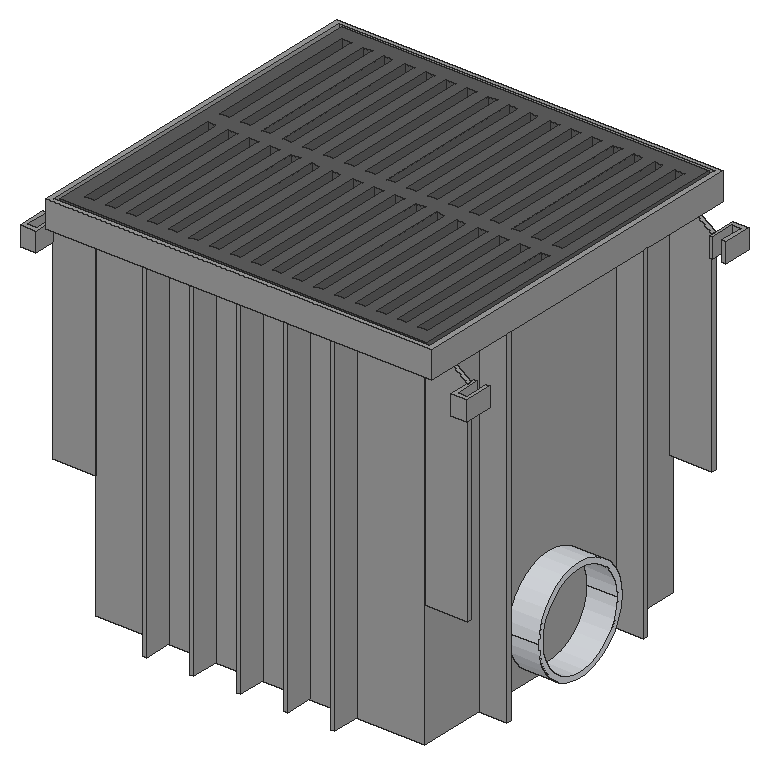
Revit family "Basin_Catch_24x24-Zurn-Z887-24-HD", category Plumbing Fixtures, Revit 2022
Family settings
  Round Connector Dimension = Use Radius
  Part Type = Normal
  OmniClass Number = 23.70.50.21.24.14
  OmniClass Title = Deck Waste Water Drains
  Work Plane-Based = No
  Always vertical = Yes
  Cut with Voids When Loaded = No
  Maintain Annotation Orientation = No
  Shared = No
  Room Calculation Point = No
Parameters (values of type "Z887-24-HD-6 Inch No-Hub End Outlet")
  Width = 24.000"
  Wide = 23.250"
  Waste Connection = 0 = 0  # yes
  WFU = 0  # constant formula
  Vent Connection = 0 = 1  # no
  URL = "www.zurn.com"
  Type Comments = ""
  Product data url = "https://bimobject.com/zurnindustries/product/Z887-24-HD"
  Product Page URL = "https://www.zurn.com/products/drainage-interceptors/trench-drain-systems/catch-basin/z887-24-hd"
  Product Installation Sheet URL = ""
  Product Documentation Link = "https://files.zurn.com/spec-sheets/z887-24-hd.pdf"
  Outlet Radius = 3.313"
  Outlet Location = 20.500"
  HW Connection = 0 = 1  # no
  CW Connection = 0 = 1  # no
  Bottom Connector = 3.000"
  Nominal End Outlet (E) = 6.000"
  Nominal Bottom Outlet (U) = 6.000"
  Modified Date = "12/29/2025"  # constant formula
  Model = "Z887-24-HD-E6"
  Manufacurer Brand = "Zurn"  # constant formula
  Manufacturer = "Zurn Water, LLC"  # constant formula
  Main Material = Polymer - Zurn - HDPE - Grey
  Length = 24.625"
  End Connector = 3.000"
  HWFU = 0  # constant formula
  Grate = Ductile Iron - Zurn - Polished
  End Outlet (E) = yes
  Description = "23-1/4 [591] WIDE REVEAL X 24-5/8 [625] LONG CATCH BASIN WITH HEAVY DUTY FRAME"  # constant formula
  Default Elevation = 1.000"  # constant formula
  Date Created = "12/29/2025"  # constant formula
  Catch Basin Width = 22.750"
  Catch Basin Length = 24.000"
  CWFU = 0  # constant formula
  Bottom Outlet (U) = no
  Assembly Code = "D2040300"
  Actual End Outlet (E) = 6.625"
  Actual Bottom Outlet (U) = 6.625"
Reference planes (in)
  plane 1 "Center (Front/Back)": y = 0
  plane 2: z = 0
  plane 3 "Center (Left/Right)": x = 0
  plane 4: z = -1.75
  plane 5: x = -12.3125
  plane 6: x = 12.3125
  plane 7: x = -14.25
  plane 8: x = 14.25
  plane 9: x = -12
  plane 10: x = 12
  plane 11: y = 11.375
  plane 12: y = -11.375
  plane 13: y = 11.625
  plane 14: y = -11.625
  plane 15: x = -10.5
  plane 16: x = 10.5
  plane 17: z = -24
  plane 18: y = 9.875
  plane 19: y = -9.875
  plane 20: z = -16
  plane 21: x = 13.2505
  plane 22: y = 9.625
  plane 23: x = -13.2505
  plane 24: y = -9.625
  plane 25: z = -2.375
  plane 26: y = -10.70371
  plane 27: y = 9.75
  plane 28: y = -9.75
  plane 29: x = -10.375
  plane 30: x = 10.375
  plane 31: z = -23.75
  plane 32: y = -5.575
  plane 33: y = -5.325
  plane 34: x = -6.1245
  plane 35: x = -5.8745
  plane 36: x = 6.1245
  plane 37: x = 5.8745
  plane 38: y = 11.25
  plane 39: y = 0
  plane 40: y = -11.25
  plane 41: x = -11.969
  plane 42: x = 11.969
  plane 43: x = 0
  plane 44: x = -11.969
  plane 45: x = 11.969
  plane 46: y = 11.25
  plane 47: y = -11.25
  plane 48: x = -11.719
  plane 49: x = 11.719
  plane 50: y = 10.25
  plane 51: y = -10.25
  plane 52: x = 10.999
  plane 53: x = 10.389
  plane 54: y = 10.26
  plane 55: y = 0.5
  plane 56: z = -1.5
  plane 57: x = 9.669
  plane 58: x = 9.059
  plane 59: y = 10.26
  plane 60: y = 0.5
  plane 61: x = 8.339
  plane 62: x = 7.729
  plane 63: y = 10.26
  plane 64: y = 0.5
  plane 65: x = 7.009
  plane 66: x = 6.399
  plane 67: y = 10.26
  plane 68: y = 0.5
  plane 69: x = 5.679
  plane 70: x = 5.069
  plane 71: y = 10.26
  plane 72: y = 0.5
  plane 73: x = 4.349
  plane 74: x = 3.739
  plane 75: y = 10.26
  plane 76: y = 0.5
  plane 77: x = 3.019
  plane 78: x = 2.409
  plane 79: y = 10.26
  plane 80: y = 0.5
  plane 81: x = 1.689
  plane 82: x = 1.079
  plane 83: y = 10.26
  plane 84: y = 0.5
  plane 85: x = 0.359
  plane 86: x = -0.251
  plane 87: y = 10.26
  plane 88: y = 0.5
  plane 89: x = -0.971
  plane 90: x = -1.581
  plane 91: y = 10.26
  plane 92: y = 0.5
  plane 93: x = -2.301
  plane 94: x = -2.911
  plane 95: y = 10.26
  plane 96: y = 0.5
  plane 97: x = -4.961
  plane 98: x = -5.571
  plane 99: y = 10.26
  plane 100: y = 0.5
  plane 101: x = -3.631
  plane 102: x = -4.241
  plane 103: y = 10.26
  plane 104: y = 0.5
  plane 105: x = -7.621
  plane 106: x = -8.231
  plane 107: y = 10.26
  plane 108: y = 0.5
  plane 109: x = -6.291
  plane 110: x = -6.901
  plane 111: y = 10.26
  plane 112: y = 0.5
  plane 113: x = -10.281
  plane 114: x = -10.891
  plane 115: y = 10.26
  plane 116: y = 0.5
  plane 117: x = -8.951
  plane 118: x = -9.561
  plane 119: y = 10.26
  plane 120: y = 0.5
  plane 121: x = 10.999
  plane 122: x = 10.389
  plane 123: y = -10.26
  plane 124: y = -0.5
  plane 125: x = 9.669
  plane 126: x = 9.059
  plane 127: y = -10.26
  plane 128: y = -0.5
  plane 129: x = 8.339
  plane 130: x = 7.729
  plane 131: y = -10.26
  plane 132: y = -0.5
  plane 133: x = 7.009
  plane 134: x = 6.399
  plane 135: y = -10.26
  plane 136: y = -0.5
  plane 137: x = 5.679
  plane 138: x = 5.069
  plane 139: y = -10.26
  plane 140: y = -0.5
  plane 141: x = 4.349
  plane 142: x = 3.739
  plane 143: y = -10.26
  plane 144: y = -0.5
  plane 145: x = 3.019
  plane 146: x = 2.409
  plane 147: y = -10.26
  plane 148: y = -0.5
  plane 149: x = 1.689
  plane 150: x = 1.079
  plane 151: y = -10.26
  plane 152: y = -0.5
  plane 153: x = 0.359
  plane 154: x = -0.251
  plane 155: y = -10.26
  plane 156: y = -0.5
  plane 157: x = -0.971
  plane 158: x = -1.581
  plane 159: y = -10.26
  plane 160: y = -0.5
  plane 161: x = -2.301
  plane 162: x = -2.911
  plane 163: y = -10.26
  plane 164: y = -0.5
  plane 165: x = -4.961
  plane 166: x = -5.571
  plane 167: y = -10.26
  plane 168: y = -0.5
  plane 169: x = -3.631
  plane 170: x = -4.241
  plane 171: y = -10.26
  plane 172: y = -0.5
  plane 173: x = -7.621
  plane 174: x = -8.231
  plane 175: y = -10.26
  plane 176: y = -0.5
  plane 177: x = -6.291
  plane 178: x = -6.901
  plane 179: y = -10.26
  plane 180: y = -0.5
  plane 181: x = -10.281
  plane 182: x = -10.891
  plane 183: y = -10.26
  plane 184: y = -0.5
  plane 185: x = -8.951
  plane 186: x = -9.561
  plane 187: y = -10.26
  plane 188: y = -0.5
  plane 189: z = -26
  plane 190: x = 13.4685
  plane 191: x = 14.03175
  plane 192: y = 10.925
  plane 193: x = 13.4685
  plane 194: x = 14.03175
  plane 195: y = 10.925
  plane 196: y = 9.415
  plane 197: y = 9.415
  plane 198: z = -3.625
  plane 199: x = -13.4685
  plane 200: x = -14.03175
  plane 201: y = 10.925
  plane 202: y = 9.415
  plane 203: x = -13.4685
  plane 204: x = -14.03175
  plane 205: y = -9.415
  plane 206: x = 13.4685
  plane 207: x = 14.03175
  plane 208: y = -10.925
  plane 209: y = -9.415
  plane 210: x = -3.313
  plane 211: x = 3.313
  plane 212: y = 3.313
  plane 213: y = -3.313
  plane 214: z = -23.044
  plane 215: z = -20.5
  plane 216: z = -17.187
  plane 217: z = -23.813
  plane 218: x = 12.5
  plane 219: x = 12.5
  plane 220: x = 12.5
  plane 221: x = -12.28125
  plane 222: x = 12.28125
Forms (in)
  Extrusion 1, solid, material "Polymer - Zurn - HDPE - Grey" <- "Main Material", detail levels fine
    sketch origin (0, 0, 0) x (1, 0, 0) y (0, 1, 0)
      loop
        line (-12.3125, 11.625) -> (-12.3125, -11.625) -> (12.3125, -11.625) -> (12.3125, 11.625) -> (-12.3125, 11.625)
    from 0 to -1.75
  Extrusion 2, void, detail levels fine
    sketch origin (0, 0, 0) x (1, 0, 0) y (0, 1, 0)
      loop
        line (-12, 11.375) -> (-12, -11.375) -> (12, -11.375) -> (12, 11.375) -> (-12, 11.375)
    from 0 to -1.75
  Extrusion 3, solid, material "Polymer - Zurn - HDPE - Grey" <- "Main Material", detail levels fine
    sketch origin (0, 0, 0) x (1, 0, 0) y (0, 1, 0)
      loop
        line (-10.5, 9.875) -> (-10.5, -9.875) -> (10.5, -9.875) -> (10.5, 9.875) -> (-10.5, 9.875)
    from -1.75 to -24
  Extrusion 4, solid, material "Polymer - Zurn - HDPE - Grey" <- "Main Material", detail levels fine
    sketch origin (0, 0, 0) x (-1, 0, 0) y (0, -1, 0)
      loop
        line (10.5, -9.875) -> (13.2505, -9.875) -> (13.2505, -9.625) -> (10.5, -9.625) -> (10.5, -9.875)
    from -16 to -1.75
  Extrusion 5, solid, material "Polymer - Zurn - HDPE - Grey" <- "Main Material", detail levels fine
    sketch origin (16.625, 0, 0) x (1, 0, 0) y (0, 1, 0)
      loop
        line (-6.125, -9.875) -> (-3.3745, -9.875) -> (-3.3745, -9.625) -> (-6.125, -9.625) -> (-6.125, -9.875)
    from -16 to -1.75
  Extrusion 6, solid, material "Polymer - Zurn - HDPE - Grey" <- "Main Material", detail levels fine
    sketch origin (0, 0, 0) x (-1, 0, 0) y (0, -1, 0)
      loop
        line (10.5, 9.875) -> (10.5, 9.625) -> (13.2505, 9.625) -> (13.2505, 9.875) -> (10.5, 9.875)
    from -16 to -1.75
  Extrusion 7, void, detail levels fine
    sketch origin (0, 0, 0) x (1, 0, 0) y (0, 0, 1)
      loop
        line (12.3125, -1.75) -> (13.2505, -2.375) -> (13.2505, -1.75) -> (12.3125, -1.75)
      loop
        line (-12.3125, -1.75) -> (-13.2505, -1.75) -> (-13.2505, -2.375) -> (-12.3125, -1.75)
    from 0 to 10.70371
  Extrusion 8, void, detail levels fine
    sketch origin (0, 0, 0) x (1, 0, 0) y (0, 0, -1)
      loop
        line (-12.3125, 1.75) -> (-13.2505, 2.375) -> (-13.2505, 1.75) -> (-12.3125, 1.75)
      loop
        line (12.3125, 1.75) -> (13.2505, 1.75) -> (13.2505, 2.375) -> (12.3125, 1.75)
    from 0 to 10.625
  Extrusion 9, solid, material "Polymer - Zurn - HDPE - Grey" <- "Main Material", detail levels fine
    sketch origin (0, 0, 0) x (1, 0, 0) y (0, 1, 0)
      loop
        line (10.5, 9.875) -> (10.5, 9.625) -> (13.2505, 9.625) -> (13.2505, 9.875) -> (10.5, 9.875)
    from -16 to -1.75
  Extrusion 10, void, detail levels fine
    sketch origin (0, 0, 0) x (-1, 0, 0) y (0, 0, 1)
      loop
        line (-12.3125, -1.75) -> (-13.2505, -1.75) -> (-13.2505, -2.375) -> (-12.3125, -1.75)
      loop
        line (12.3125, -1.75) -> (13.2505, -2.375) -> (13.2505, -1.75) -> (12.3125, -1.75)
    from 0 to 10.625
  Extrusion 11, void, detail levels fine
    sketch origin (0, 0, 0) x (1, 0, 0) y (0, 1, 0)
      loop
        line (-10.375, 9.75) -> (-10.375, -9.75) -> (10.375, -9.75) -> (10.375, 9.75) -> (-10.375, 9.75)
    from -23.75 to -1.75
  Extrusion 12, solid, material "Polymer - Zurn - HDPE - Grey" <- "Main Material", detail levels fine
    sketch origin (0, -21.8, 0) x (1, 0, 0) y (0, 1, 0)
      loop
        line (-12.3125, 16.475) -> (-12.3125, 16.225) -> (-10.5, 16.225) -> (-10.5, 16.475) -> (-12.3125, 16.475)
    from -24 to -1.75
  Extrusion 13, solid, material "Polymer - Zurn - HDPE - Grey" <- "Main Material", detail levels fine
    sketch origin (0, -10.9, 0) x (1, 0, 0) y (0, 1, 0)
      loop
        line (-12.3125, 16.475) -> (-12.3125, 16.225) -> (-10.5, 16.225) -> (-10.5, 16.475) -> (-12.3125, 16.475)
    from -24 to -1.75
  Extrusion 14, solid, material "Polymer - Zurn - HDPE - Grey" <- "Main Material", detail levels fine
    sketch origin (0, -14.4, 0) x (1, 0, 0) y (0, 1, 0)
      loop
        line (-12.3125, 16.475) -> (-12.3125, 16.225) -> (-10.5, 16.225) -> (-10.5, 16.475) -> (-12.3125, 16.475)
    from -24 to -1.75
  Extrusion 15, solid, material "Polymer - Zurn - HDPE - Grey" <- "Main Material", detail levels fine
    sketch origin (0, -18.3, 0) x (1, 0, 0) y (0, 1, 0)
      loop
        line (-12.3125, 16.475) -> (-12.3125, 16.225) -> (-10.5, 16.225) -> (-10.5, 16.475) -> (-12.3125, 16.475)
    from -24 to -1.75
  Extrusion 16, solid, material "Polymer - Zurn - HDPE - Grey" <- "Main Material", detail levels fine
    sketch origin (0, 0, 0) x (-1, 0, 0) y (0, -1, 0)
      loop
        line (-12.3125, 5.325) -> (-10.5, 5.325) -> (-10.5, 5.575) -> (-12.3125, 5.575) -> (-12.3125, 5.325)
    from -24 to -1.75
  Extrusion 17, solid, material "Polymer - Zurn - HDPE - Grey" <- "Main Material", detail levels fine
    sketch origin (0, 10.9, 0) x (-1, 0, 0) y (0, -1, 0)
      loop
        line (-12.3125, 5.325) -> (-10.5, 5.325) -> (-10.5, 5.575) -> (-12.3125, 5.575) -> (-12.3125, 5.325)
    from -24 to -1.75
  Extrusion 18, solid, material "Polymer - Zurn - HDPE - Grey" <- "Main Material", visible <- "Bottom Outlet (U)", detail levels fine
    sketch origin (0, 3.5, 0) x (-1, 0, 0) y (0, -1, 0)
      loop
        line (-12.3125, 5.325) -> (-10.5, 5.325) -> (-10.5, 5.575) -> (-12.3125, 5.575) -> (-12.3125, 5.325)
    from -24 to -1.75
  Extrusion 19, solid, material "Polymer - Zurn - HDPE - Grey" <- "Main Material", visible <- "Bottom Outlet (U)", detail levels fine
    sketch origin (0, 7.4, 0) x (-1, 0, 0) y (0, -1, 0)
      loop
        line (-12.3125, 5.575) -> (-12.3125, 5.325) -> (-10.5, 5.325) -> (-10.5, 5.575) -> (-12.3125, 5.575)
    from -24 to -1.75
  Extrusion 20, solid, material "Polymer - Zurn - HDPE - Grey" <- "Main Material", detail levels fine
    sketch origin (0, 0, 0) x (1, 0, 0) y (0, 1, 0)
      loop
        line (-6.1245, 11.625) -> (-6.1245, 9.875) -> (-5.8745, 9.875) -> (-5.8745, 11.625) -> (-6.1245, 11.625)
    from -24 to -1.75
  Extrusion 21, solid, material "Polymer - Zurn - HDPE - Grey" <- "Main Material", detail levels fine
    sketch origin (11.999, 0, 0) x (1, 0, 0) y (0, 1, 0)
      loop
        line (-6.1245, 11.625) -> (-6.1245, 9.875) -> (-5.8745, 9.875) -> (-5.8745, 11.625) -> (-6.1245, 11.625)
    from -24 to -1.75
  Extrusion 22, solid, material "Polymer - Zurn - HDPE - Grey" <- "Main Material", detail levels fine
    sketch origin (-5.25, 5.75, 0) x (1, 0, 0) y (0, 1, 0)
      loop
        line (2.1255, 5.875) -> (2.1255, 4) -> (2.3755, 4) -> (2.3755, 5.875) -> (2.1255, 5.875)
    from -24 to -1.75
  Extrusion 23, solid, material "Polymer - Zurn - HDPE - Grey" <- "Main Material", detail levels fine
    sketch origin (16, -2.75, 0) x (1, 0, 0) y (0, 1, 0)
      loop
        line (-16.1245, 14.375) -> (-16.1245, 12.625) -> (-15.8745, 12.625) -> (-15.8745, 14.375) -> (-16.1245, 14.375)
    from -24 to -1.75
  Extrusion 24, solid, material "Polymer - Zurn - HDPE - Grey" <- "Main Material", detail levels fine
    sketch origin (9, 0, 0) x (1, 0, 0) y (0, 1, 0)
      loop
        line (-6.1245, 11.625) -> (-6.1245, 9.875) -> (-5.8745, 9.875) -> (-5.8745, 11.625) -> (-6.1245, 11.625)
    from -24 to -1.75
  Extrusion 25, solid, material "Polymer - Zurn - HDPE - Grey" <- "Main Material", detail levels fine
    sketch origin (0, 0, 0) x (1, 0, 0) y (0, 1, 0)
      loop
        line (-6.1245, -11.625) -> (-5.8745, -11.625) -> (-5.8745, -9.875) -> (-6.1245, -9.875) -> (-6.1245, -11.625)
    from -24 to -1.75
  Extrusion 26, solid, material "Polymer - Zurn - HDPE - Grey" <- "Main Material", detail levels fine
    sketch origin (10.59513, 10.75, 0) x (1, 0, 0) y (0, 1, 0)
      loop
        line (-4.72063, -22.375) -> (-4.47063, -22.375) -> (-4.47063, -20.625) -> (-4.72063, -20.625) -> (-4.72063, -22.375)
    from -24 to -1.75
  Extrusion 27, solid, material "Polymer - Zurn - HDPE - Grey" <- "Main Material", detail levels fine
    sketch origin (3, 0, 0) x (1, 0, 0) y (0, 1, 0)
      loop
        line (-6.1245, -11.625) -> (-5.8745, -11.625) -> (-5.8745, -9.875) -> (-6.1245, -9.875) -> (-6.1245, -11.625)
    from -24 to -1.75
  Extrusion 28, solid, material "Polymer - Zurn - HDPE - Grey" <- "Main Material", detail levels fine
    sketch origin (6.1245, 0, 0) x (1, 0, 0) y (0, 1, 0)
      loop
        line (-6.249, -11.625) -> (-5.999, -11.625) -> (-5.999, -9.875) -> (-6.249, -9.875) -> (-6.249, -11.625)
    from -24 to -1.75
  Extrusion 29, solid, material "Polymer - Zurn - HDPE - Grey" <- "Main Material", detail levels fine
    sketch origin (9, 0, 0) x (1, 0, 0) y (0, 1, 0)
      loop
        line (-6.1245, -11.625) -> (-5.8745, -11.625) -> (-5.8745, -9.875) -> (-6.1245, -9.875) -> (-6.1245, -11.625)
    from -24 to -1.75
  Extrusion 30, solid, material "Ductile Iron - Zurn - Polished" <- "Grate", detail levels fine
    sketch origin (-0.031, 3.50168, 26) x (0, -1, 0) y (1, 0, 0)
      loop
        line (-7.74832, 11.75) -> (-7.74832, -11.688) -> (14.75168, -11.688) -> (14.75168, 11.75) -> (-7.74832, 11.75)
    from -26 to -27.5
  Extrusion 31, void, detail levels fine
    sketch origin (0, 0, 0) x (1, 0, 0) y (0, 1, 0)
      loop
        line (10.375, 10.26) -> (10.375, 0.5) -> (10.999, 0.5) -> (10.999, 10.26) -> (10.375, 10.26)
    from -1.5 to 0
  Extrusion 32, void, detail levels fine
    sketch origin (-1.33, 0, 0) x (1, 0, 0) y (0, 1, 0)
      loop
        line (10.375, 10.26) -> (10.375, 0.5) -> (10.999, 0.5) -> (10.999, 10.26) -> (10.375, 10.26)
    from -1.5 to 0
  Extrusion 33, void, detail levels fine
    sketch origin (-2.66, 0, 0) x (1, 0, 0) y (0, 1, 0)
      loop
        line (10.375, 10.26) -> (10.375, 0.5) -> (10.999, 0.5) -> (10.999, 10.26) -> (10.375, 10.26)
    from -1.5 to 0
  Extrusion 34, void, detail levels fine
    sketch origin (-3.99, 0, 0) x (1, 0, 0) y (0, 1, 0)
      loop
        line (10.375, 10.26) -> (10.375, 0.5) -> (10.999, 0.5) -> (10.999, 10.26) -> (10.375, 10.26)
    from -1.5 to 0
  Extrusion 35, void, detail levels fine
    sketch origin (-5.32, 0, 0) x (1, 0, 0) y (0, 1, 0)
      loop
        line (10.375, 10.26) -> (10.375, 0.5) -> (10.999, 0.5) -> (10.999, 10.26) -> (10.375, 10.26)
    from -1.5 to 0
  Extrusion 36, void, detail levels fine
    sketch origin (-6.65, 0, 0) x (1, 0, 0) y (0, 1, 0)
      loop
        line (10.375, 10.26) -> (10.375, 0.5) -> (10.999, 0.5) -> (10.999, 10.26) -> (10.375, 10.26)
    from -1.5 to 0
  Extrusion 37, void, detail levels fine
    sketch origin (-7.98, 0, 0) x (1, 0, 0) y (0, 1, 0)
      loop
        line (10.375, 10.26) -> (10.375, 0.5) -> (10.999, 0.5) -> (10.999, 10.26) -> (10.375, 10.26)
    from -1.5 to 0
  Extrusion 38, void, detail levels fine
    sketch origin (-9.31, 0, 0) x (1, 0, 0) y (0, 1, 0)
      loop
        line (10.375, 10.26) -> (10.375, 0.5) -> (10.999, 0.5) -> (10.999, 10.26) -> (10.375, 10.26)
    from -1.5 to 0
  Extrusion 39, void, detail levels fine
    sketch origin (-10.64, 0, 0) x (1, 0, 0) y (0, 1, 0)
      loop
        line (10.375, 10.26) -> (10.375, 0.5) -> (10.999, 0.5) -> (10.999, 10.26) -> (10.375, 10.26)
    from -1.5 to 0
  Extrusion 40, void, detail levels fine
    sketch origin (-11.97, 0, 0) x (1, 0, 0) y (0, 1, 0)
      loop
        line (10.375, 10.26) -> (10.375, 0.5) -> (10.999, 0.5) -> (10.999, 10.26) -> (10.375, 10.26)
    from -1.5 to 0
  Extrusion 41, void, detail levels fine
    sketch origin (-13.3, 0, 0) x (1, 0, 0) y (0, 1, 0)
      loop
        line (10.375, 10.26) -> (10.375, 0.5) -> (10.999, 0.5) -> (10.999, 10.26) -> (10.375, 10.26)
    from -1.5 to 0
  Extrusion 42, void, detail levels fine
    sketch origin (-15.96, 0, 0) x (1, 0, 0) y (0, 1, 0)
      loop
        line (10.375, 10.26) -> (10.375, 0.5) -> (10.999, 0.5) -> (10.999, 10.26) -> (10.375, 10.26)
    from -1.5 to 0
  Extrusion 43, void, detail levels fine
    sketch origin (-14.63, 0, 0) x (1, 0, 0) y (0, 1, 0)
      loop
        line (10.375, 10.26) -> (10.375, 0.5) -> (10.999, 0.5) -> (10.999, 10.26) -> (10.375, 10.26)
    from -1.5 to 0
  Extrusion 44, void, detail levels fine
    sketch origin (-18.62, 0, 0) x (1, 0, 0) y (0, 1, 0)
      loop
        line (10.375, 10.26) -> (10.375, 0.5) -> (10.999, 0.5) -> (10.999, 10.26) -> (10.375, 10.26)
    from -1.5 to 0
  Extrusion 45, void, detail levels fine
    sketch origin (-17.29, 0, 0) x (1, 0, 0) y (0, 1, 0)
      loop
        line (10.375, 10.26) -> (10.375, 0.5) -> (10.999, 0.5) -> (10.999, 10.26) -> (10.375, 10.26)
    from -1.5 to 0
  Extrusion 46, void, detail levels fine
    sketch origin (-21.28, 0, 0) x (1, 0, 0) y (0, 1, 0)
      loop
        line (10.375, 10.26) -> (10.375, 0.5) -> (10.999, 0.5) -> (10.999, 10.26) -> (10.375, 10.26)
    from -1.5 to 0
  Extrusion 47, void, detail levels fine
    sketch origin (-19.95, 0, 0) x (1, 0, 0) y (0, 1, 0)
      loop
        line (10.375, 10.26) -> (10.375, 0.5) -> (10.999, 0.5) -> (10.999, 10.26) -> (10.375, 10.26)
    from -1.5 to 0
  Extrusion 48, void, detail levels fine
    sketch origin (0, 0, 0) x (1, 0, 0) y (0, 1, 0)
      loop
        line (10.375, -10.26) -> (10.999, -10.26) -> (10.999, -0.5) -> (10.375, -0.5) -> (10.375, -10.26)
    from -1.5 to 0
  Extrusion 49, void, detail levels fine
    sketch origin (-1.33, 0, 0) x (1, 0, 0) y (0, 1, 0)
      loop
        line (10.375, -10.26) -> (10.999, -10.26) -> (10.999, -0.5) -> (10.375, -0.5) -> (10.375, -10.26)
    from -1.5 to 0
  Extrusion 50, void, detail levels fine
    sketch origin (-2.66, 0, 0) x (1, 0, 0) y (0, 1, 0)
      loop
        line (10.375, -10.26) -> (10.999, -10.26) -> (10.999, -0.5) -> (10.375, -0.5) -> (10.375, -10.26)
    from -1.5 to 0
  Extrusion 51, void, detail levels fine
    sketch origin (-3.99, 0, 0) x (1, 0, 0) y (0, 1, 0)
      loop
        line (10.375, -10.26) -> (10.999, -10.26) -> (10.999, -0.5) -> (10.375, -0.5) -> (10.375, -10.26)
    from -1.5 to 0
  Extrusion 52, void, detail levels fine
    sketch origin (-5.32, 0, 0) x (1, 0, 0) y (0, 1, 0)
      loop
        line (10.375, -10.26) -> (10.999, -10.26) -> (10.999, -0.5) -> (10.375, -0.5) -> (10.375, -10.26)
    from -1.5 to 0
  Extrusion 53, void, detail levels fine
    sketch origin (-6.65, 0, 0) x (1, 0, 0) y (0, 1, 0)
      loop
        line (10.375, -10.26) -> (10.999, -10.26) -> (10.999, -0.5) -> (10.375, -0.5) -> (10.375, -10.26)
    from -1.5 to 0
  Extrusion 54, void, detail levels fine
    sketch origin (-7.98, 0, 0) x (1, 0, 0) y (0, 1, 0)
      loop
        line (10.375, -10.26) -> (10.999, -10.26) -> (10.999, -0.5) -> (10.375, -0.5) -> (10.375, -10.26)
    from -1.5 to 0
  Extrusion 55, void, detail levels fine
    sketch origin (-9.31, 0, 0) x (1, 0, 0) y (0, 1, 0)
      loop
        line (10.375, -10.26) -> (10.999, -10.26) -> (10.999, -0.5) -> (10.375, -0.5) -> (10.375, -10.26)
    from -1.5 to 0
  Extrusion 56, void, detail levels fine
    sketch origin (-10.64, 0, 0) x (1, 0, 0) y (0, 1, 0)
      loop
        line (10.375, -10.26) -> (10.999, -10.26) -> (10.999, -0.5) -> (10.375, -0.5) -> (10.375, -10.26)
    from -1.5 to 0
  Extrusion 57, void, detail levels fine
    sketch origin (-11.97, 0, 0) x (1, 0, 0) y (0, 1, 0)
      loop
        line (10.375, -10.26) -> (10.999, -10.26) -> (10.999, -0.5) -> (10.375, -0.5) -> (10.375, -10.26)
    from -1.5 to 0
  Extrusion 58, void, detail levels fine
    sketch origin (-13.3, 0, 0) x (1, 0, 0) y (0, 1, 0)
      loop
        line (10.375, -10.26) -> (10.999, -10.26) -> (10.999, -0.5) -> (10.375, -0.5) -> (10.375, -10.26)
    from -1.5 to 0
  Extrusion 59, void, detail levels fine
    sketch origin (-15.96, 0, 0) x (1, 0, 0) y (0, 1, 0)
      loop
        line (10.375, -10.26) -> (10.999, -10.26) -> (10.999, -0.5) -> (10.375, -0.5) -> (10.375, -10.26)
    from -1.5 to 0
  Extrusion 60, void, detail levels fine
    sketch origin (-14.63, 0, 0) x (1, 0, 0) y (0, 1, 0)
      loop
        line (10.375, -10.26) -> (10.999, -10.26) -> (10.999, -0.5) -> (10.375, -0.5) -> (10.375, -10.26)
    from -1.5 to 0
  Extrusion 61, void, detail levels fine
    sketch origin (-18.62, 0, 0) x (1, 0, 0) y (0, 1, 0)
      loop
        line (10.375, -10.26) -> (10.999, -10.26) -> (10.999, -0.5) -> (10.375, -0.5) -> (10.375, -10.26)
    from -1.5 to 0
  Extrusion 62, void, detail levels fine
    sketch origin (-17.29, 0, 0) x (1, 0, 0) y (0, 1, 0)
      loop
        line (10.375, -10.26) -> (10.999, -10.26) -> (10.999, -0.5) -> (10.375, -0.5) -> (10.375, -10.26)
    from -1.5 to 0
  Extrusion 63, void, detail levels fine
    sketch origin (-21.28, 0, 0) x (1, 0, 0) y (0, 1, 0)
      loop
        line (10.375, -10.26) -> (10.999, -10.26) -> (10.999, -0.5) -> (10.375, -0.5) -> (10.375, -10.26)
    from -1.5 to 0
  Extrusion 64, void, detail levels fine
    sketch origin (-19.95, 0, 0) x (1, 0, 0) y (0, 1, 0)
      loop
        line (10.375, -10.26) -> (10.999, -10.26) -> (10.999, -0.5) -> (10.375, -0.5) -> (10.375, -10.26)
    from -1.5 to 0
  Extrusion 65, solid, material "Polymer - Zurn - HDPE - Grey" <- "Main Material", detail levels fine
    sketch origin (0, 0, 0) x (1, 0, 0) y (0, 1, 0)
      loop
        line (14.25, 11.25) -> (13.2505, 11.25) -> (13.2505, 9.415) -> (13.4685, 9.415) -> (13.4685, 10.925) -> (14.03175, 10.925) -> (14.03175, 9.415) -> (14.25, 9.415) -> (14.25, 11.25)
    from -3.625 to -2.375
  Extrusion 66, solid, material "Polymer - Zurn - HDPE - Grey" <- "Main Material", detail levels fine
    sketch origin (0, 0, 0) x (-1, 0, 0) y (0, -1, 0)
      loop
        line (14.25, -11.25) -> (14.25, -9.415) -> (14.03175, -9.415) -> (14.03175, -10.925) -> (13.4685, -10.925) -> (13.4685, -9.415) -> (13.2505, -9.415) -> (13.2505, -11.25) -> (14.25, -11.25)
    from -3.625 to -2.375
  Extrusion 67, solid, material "Polymer - Zurn - HDPE - Grey" <- "Main Material", detail levels fine
    sketch origin (0, 0, 0) x (-1, 0, 0) y (0, -1, 0)
      loop
        line (14.25, 11.25) -> (13.2505, 11.25) -> (13.2505, 9.415) -> (13.4685, 9.415) -> (13.4685, 10.925) -> (14.03175, 10.925) -> (14.03175, 9.415) -> (14.25, 9.415) -> (14.25, 11.25)
    from -3.625 to -2.375
  Extrusion 68, solid, material "Polymer - Zurn - HDPE - Grey" <- "Main Material", detail levels fine
    sketch origin (0, 0, 0) x (1, 0, 0) y (0, 1, 0)
      loop
        line (14.25, -11.25) -> (14.25, -9.415) -> (14.03175, -9.415) -> (14.03175, -10.925) -> (13.4685, -10.925) -> (13.4685, -9.415) -> (13.2505, -9.415) -> (13.2505, -11.25) -> (14.25, -11.25)
    from -3.625 to -2.375
  Extrusion 69, solid, material "Polymer - Zurn - HDPE - Grey" <- "Main Material", visible <- "Bottom Outlet (U)", detail levels fine
    sketch origin (0, 0, 0) x (1, 0, 0) y (0, 1, 0)
      loop
        circle (0, 0) r 3.3125
    from -26 to -24
  Extrusion 70, void, detail levels fine
    sketch origin (0, 0, 0) x (1, 0, 0) y (0, 1, 0)
      loop
        circle (0, 0) r 3
    from -26 to -24
  Extrusion 71, solid, visible <- "End Outlet (E)", detail levels fine
    sketch origin (0, 0, 0) x (0, 1, 0) y (0, 0, 1)
      loop
        circle (0, -20.5) r 3.3125
    from 10.5 to 12.5
  Extrusion 72, void, detail levels fine
    sketch origin (0, 0, 0) x (0, -1, 0) y (0, 0, 1)
      loop
        circle (0, -20.5) r 3
    from -12.5 to -10.5
  Extrusion 73, solid, detail levels fine
    sketch origin (-20.48154, -180, -26) x (-1, 0, 0) y (0, -1, 0)
      loop
        line (-32.48154, -191.375) -> (-8.48154, -191.375) -> (-8.48154, -168.625) -> (-32.48154, -168.625) -> (-32.48154, -191.375)
      loop
        line (-10.10654, -170.375) -> (-30.85654, -170.375) -> (-30.85654, -189.625) -> (-10.10654, -189.625) -> (-10.10654, -170.375)
    from 24.25 to 24.5
Cuts and joins
  Extrusion 2 cuts Extrusion 1
  Extrusion 7, Extrusion 8 cuts Extrusion 5
  Extrusion 7, Extrusion 8 cuts Extrusion 6
  Extrusion 8, Extrusion 10 cuts Extrusion 4
  Extrusion 10 cuts Extrusion 9
  Extrusion 11, Extrusion 72 cuts Extrusion 3
  Extrusion 31, Extrusion 32, Extrusion 33, Extrusion 34, Extrusion 35, Extrusion 36, Extrusion 37, Extrusion 38, Extrusion 39, Extrusion 40, Extrusion 41, Extrusion 42, Extrusion 43, Extrusion 44, Extrusion 45, Extrusion 46, Extrusion 47, Extrusion 48, Extrusion 49, Extrusion 50, Extrusion 51, Extrusion 52, Extrusion 53, Extrusion 54, Extrusion 55, Extrusion 56, Extrusion 57, Extrusion 58, Extrusion 59, Extrusion 60, Extrusion 61, Extrusion 62, Extrusion 63, Extrusion 64, Extrusion 70 cuts Extrusion 30
  Extrusion 70 cuts Extrusion 69
  Extrusion 72 cuts Extrusion 14
  Extrusion 72 cuts Extrusion 15
  Extrusion 72 cuts Extrusion 71
Lines and regions (in)
  Masking region 1, visible <- "Bottom Outlet (U)", detail levels fine
    outline origin (-20.48154, -180, -26) x (-1, 0, 0) y (0, -1, 0)
      loop
        line (-7.23104, -189.875) -> (-7.23104, -191.25) -> (-6.23154, -191.25) -> (-6.23154, -189.415) -> (-6.44979, -189.415) -> (-6.44979, -190.925) -> (-7.01304, -190.925) -> (-7.01304, -189.415) -> (-7.23104, -189.415) -> (-7.23104, -189.625) -> (-8.16904, -189.625) -> (-8.16904, -170.375) -> (-7.23104, -170.375) -> (-7.23104, -170.585) -> (-7.01304, -170.585) -> (-7.01304, -169.075) -> (-6.44979, -169.075) -> (-6.44979, -170.585) -> (-6.23154, -170.585) -> (-6.23154, -168.75) -> (-7.23104, -168.75) -> (-7.23104, -170.125) -> (-8.16904, -170.125) -> (-8.16904, -168.375) -> (-32.79404, -168.375) -> (-32.79404, -170.125) -> (-33.73204, -170.125) -> (-33.73204, -168.75) -> (-34.73154, -168.75) -> (-34.73154, -170.585) -> (-34.51329, -170.585) -> (-34.51329, -169.075) -> (-33.95004, -169.075) -> (-33.95004, -170.585) -> (-33.73204, -170.585) -> (-33.73204, -170.375) -> (-32.79404, -170.375) -> (-32.79404, -189.625) -> (-33.73204, -189.625) -> (-33.73204, -189.415) -> (-33.95004, -189.415) -> (-33.95004, -190.925) -> (-34.51329, -190.925) -> (-34.51329, -189.415) -> (-34.73154, -189.415) -> (-34.73154, -191.25) -> (-33.73204, -191.25) -> (-33.73204, -189.875) -> (-32.79404, -189.875) -> (-32.79404, -191.625) -> (-8.16904, -191.625) -> (-8.16904, -189.875) -> (-7.23104, -189.875)
  Masking region 2, visible <- "End Outlet (E)", detail levels fine
    outline origin (-20.48154, -180, -26) x (-1, 0, 0) y (0, -1, 0)
      loop
        line (-32.79404, -191.625) -> (-8.16904, -191.625) -> (-8.16904, -189.875) -> (-7.23104, -189.875) -> (-7.23104, -191.25) -> (-6.23154, -191.25) -> (-6.23154, -189.415) -> (-6.44979, -189.415) -> (-6.44979, -190.925) -> (-7.01304, -190.925) -> (-7.01304, -189.415) -> (-7.23104, -189.415) -> (-7.23104, -189.625) -> (-8.16904, -189.625) -> (-8.16904, -170.375) -> (-7.23104, -170.375) -> (-7.23104, -170.585) -> (-7.01304, -170.585) -> (-7.01304, -169.075) -> (-6.44979, -169.075) -> (-6.44979, -170.585) -> (-6.23154, -170.585) -> (-6.23154, -168.75) -> (-7.23104, -168.75) -> (-7.23104, -170.125) -> (-8.16904, -170.125) -> (-8.16904, -168.375) -> (-32.76279, -168.375) -> (-32.76279, -170.125) -> (-33.73204, -170.125) -> (-33.73204, -168.75) -> (-34.73154, -168.75) -> (-34.73154, -170.585) -> (-34.51329, -170.585) -> (-34.51329, -169.075) -> (-33.95004, -169.075) -> (-33.95004, -170.585) -> (-33.73204, -170.585) -> (-33.73204, -170.375) -> (-32.76279, -170.375) -> (-32.76279, -176.687) -> (-32.98154, -176.687) -> (-32.98154, -183.313) -> (-32.79404, -183.313) -> (-32.79404, -189.625) -> (-33.73204, -189.625) -> (-33.73204, -189.415) -> (-33.95004, -189.415) -> (-33.95004, -190.925) -> (-34.51329, -190.925) -> (-34.51329, -189.415) -> (-34.73154, -189.415) -> (-34.73154, -191.25) -> (-33.73204, -191.25) -> (-33.73204, -189.875) -> (-32.79404, -189.875) -> (-32.79404, -191.625)
  model lines, detail levels coarse+medium
    curve 1: line (-10.3125, 11.375, 0) -> (-10.3125, -11.25, 0)
    curve 2: line (-8.25568, 11.375, 0) -> (-8.25568, -11.25, 0)
    curve 3: line (-4.14205, 11.375, 0) -> (-4.14205, -11.25, 0)
    curve 4: line (-6.19886, 11.375, 0) -> (-6.19886, -11.25, 0)
    curve 5: line (-0.02841, 11.375, 0) -> (-0.02841, -11.25, 0)
    curve 6: line (-2.08523, 11.375, 0) -> (-2.08523, -11.25, 0)
    curve 7: line (4.08523, 11.375, 0) -> (4.08523, -11.25, 0)
    curve 8: line (2.02841, 11.375, 0) -> (2.02841, -11.25, 0)
    curve 9: line (8.19886, 11.375, 0) -> (8.19886, -11.25, 0)
    curve 10: line (6.14205, 11.375, 0) -> (6.14205, -11.25, 0)
    curve 11: line (10.25568, 11.375, 0) -> (10.25568, -11.25, 0)
    curve 12: line (-11.969, -6.78469, 0) -> (11.969, -6.78469, 0)
    curve 13: line (-11.969, -9.04625, 0) -> (11.969, -9.04625, 0)
    curve 14: line (-11.969, -4.52313, 0) -> (11.969, -4.52313, 0)
    curve 15: line (-11.969, 2.26156, 0) -> (11.969, 2.26156, 0)
    curve 16: line (-11.969, -2.26156, 0) -> (11.969, -2.26156, 0)
    curve 17: line (-11.969, 4.52313, 0) -> (11.969, 4.52313, 0)
    curve 18: line (-11.969, 6.78469, 0) -> (11.969, 6.78469, 0)
    curve 19: line (-11.969, 9.04625, 0) -> (11.969, 9.04625, 0)
    curve 32: line (-12.3125, 11.625, 0) -> (12.3125, 11.625, 0)
    curve 33: line (-12.3125, -11.625, 0) -> (-12.3125, 11.625, 0)
    curve 34: line (12.3125, -11.625, 0) -> (-12.3125, -11.625, 0)
    curve 35: line (12.3125, 11.625, 0) -> (12.3125, -11.625, 0)
    curve 36: line (10.5, 0, -1.75) -> (10.5, 0, -24)
    curve 37: line (10.5, 0, -24) -> (-10.5, 0, -24)
    curve 38: line (-10.5, 0, -24) -> (-10.5, 0, -1.75)
    curve 39: line (-10.5, 0, -1.75) -> (-12.3125, 0, -1.75)
    curve 40: line (-12.3125, 0, -1.75) -> (-12.3125, 0, 0)
    curve 41: line (10.5, 0, -1.75) -> (12.3125, 0, -1.75)
    curve 42: line (12.3125, 0, -1.75) -> (12.3125, 0, 0)
    curve 44: line (-11.969, 0, 0) -> (11.969, 0, 0)
    curve 45: line (-11.969, 11.375, 0) -> (11.969, 11.375, 0)
    curve 46: line (-11.969, -11.25, 0) -> (-11.969, 11.375, 0)
    curve 47: line (11.969, -11.25, 0) -> (-11.969, -11.25, 0)
    curve 48: line (11.969, 11.375, 0) -> (11.969, -11.25, 0)
  model lines, visible <- "Bottom Outlet (U)", detail levels coarse+medium
    curve 20: line (-3.313, 0, -26) -> (3.313, 0, -26)
    curve 25: line (0, 3.313, -26) -> (0, -3.313, -26)
    curve 43: line (0, 0, -26) -> (0, 0, -24)
  symbolic lines, detail levels coarse+medium
    curve 21: line (-12.3125, 0, 0) -> (12.3125, 0, 0)
    curve 23: line (0, 11.625, 0) -> (0, -11.625, 0)
  symbolic lines, visible <- "Bottom Outlet (U)", detail levels coarse+medium
    curve 22: line (-3.313, 0, -26) -> (3.313, 0, -26)
    curve 24: line (0, 3.313, -26) -> (0, -3.313, -26)
    curve 30: line (12.3125, 11.625, -26) -> (12.3125, -11.625, -26)
  model lines, visible <- "End Outlet (E)", detail levels coarse+medium
    curve 26: line (12.5, 0, -17.187) -> (12.5, 0, -23.813)
    curve 29: line (12.5, -3.313, -20.5) -> (12.5, 3.313, -20.5)
    curve 31: line (12.5, 0, -20.5) -> (10.5, 0, -20.5)
  symbolic lines, visible <- "End Outlet (E)", detail levels coarse+medium
    curve 27: line (12.5, 0, -17.187) -> (12.5, 0, -23.813)
    curve 28: line (0, -3.313, -20.5) -> (0, 3.313, -20.5)
Dimensions and locks (in)
  equal spacing: plane 8, plane 3 "Center (Left/Right)", plane 7
  locked: plane 8 to plane 7 at 28.5
  equal spacing: plane 6, plane 3 "Center (Left/Right)", plane 5
  "Length": plane 6 to plane 5
  equal spacing: plane 10, plane 3 "Center (Left/Right)", plane 9
  "Catch Basin Length": plane 10 to plane 9
  locked: level to plane 4 at 1.75
  equal spacing: plane 11, plane 1 "Center (Front/Back)", plane 12
  "Catch Basin Width": plane 11 to plane 12
  equal spacing: plane 13, plane 1 "Center (Front/Back)", plane 14
  "Wide": plane 13 to plane 14
  equal spacing: plane 16, plane 3 "Center (Left/Right)", plane 15
  "Width": level to plane 17
  locked: plane 16 to plane 15 at 21
  equal spacing: plane 18, plane 1 "Center (Front/Back)", plane 19
  locked: plane 18 to plane 19 at 19.75
  locked: level to plane 20 at 16
  locked: plane 6 to plane 21 at 0.938
  locked: plane 18 to plane 22 at 0.25
  locked: plane 4 to plane 25 at 0.625
  equal spacing: plane 27, plane 1 "Center (Front/Back)", plane 28
  locked: plane 27 to plane 28 at 19.5
  equal spacing: plane 29, plane 3 "Center (Left/Right)", plane 30
  locked: plane 29 to plane 30 at 20.75
  locked: plane 31 to plane 17 at 0.25
  locked: plane 33 to plane 32 at 0.25
  locked: plane 5 to plane 34 at 6.188
  equal spacing: plane 38, plane 39, plane 40
  plane 38 to plane 40 = 22.500"
  equal spacing: plane 44, plane 3 "Center (Left/Right)", plane 45
  locked: plane 44 to plane 45 at 23.938
  plane 46 to plane 1 "Center (Front/Back)" to plane 47 = 11.250" locked, 11.250" locked
  plane 46 to plane 47 = 22.500"
  plane 53 to plane 52 = 0.610"
  Extrusion 30 to plane 54 = 0.990"
  plane 54 to plane 55 = 9.760"
  locked: level to plane 56 at 1.5
  plane 58 to plane 57 = 0.610"
  plane 59 to plane 60 = 9.760"
  group 2 to group 1 = 1.330"
  group 1 to group 2 = 0.000"  (x2)
  plane 62 to plane 61 = 0.610"
  plane 63 to plane 64 = 9.760"
  group 3 to group 2 = 1.330"
  group 2 to group 3 = 0.000"  (x2)
  plane 66 to plane 65 = 0.610"
  plane 67 to plane 68 = 9.760"
  group 4 to group 3 = 1.330"
  group 3 to group 4 = 0.000"  (x2)
  plane 70 to plane 69 = 0.610"
  plane 71 to plane 72 = 9.760"
  group 5 to group 4 = 1.330"
  group 4 to group 5 = 0.000"  (x2)
  plane 74 to plane 73 = 0.610"
  plane 75 to plane 76 = 9.760"
  group 6 to group 5 = 1.330"
  group 5 to group 6 = 0.000"  (x2)
  plane 78 to plane 77 = 0.610"
  plane 79 to plane 80 = 9.760"
  group 7 to group 6 = 1.330"
  group 6 to group 7 = 0.000"  (x2)
  plane 82 to plane 81 = 0.610"
  plane 83 to plane 84 = 9.760"
  group 8 to group 7 = 1.330"
  group 7 to group 8 = 0.000"  (x2)
  plane 86 to plane 85 = 0.610"
  plane 87 to plane 88 = 9.760"
  group 9 to group 8 = 1.330"
  group 8 to group 9 = 0.000"  (x2)
  plane 90 to plane 89 = 0.610"
  plane 91 to plane 92 = 9.760"
  group 10 to group 9 = 1.330"
  group 9 to group 10 = 0.000"  (x2)
  plane 94 to plane 93 = 0.610"
  plane 95 to plane 96 = 9.760"
  group 11 to group 10 = 1.330"
  group 10 to group 11 = 0.000"  (x2)
  plane 98 to plane 97 = 0.610"
  plane 99 to plane 100 = 9.760"
  plane 102 to plane 101 = 0.610"
  plane 103 to plane 104 = 9.760"
  plane 106 to plane 105 = 0.610"
  plane 107 to plane 108 = 9.760"
  equal spacing: group 13, group 14, group 12
  equal spacing: group 12, group 14, group 13  (x2)
  plane 110 to plane 109 = 0.610"
  plane 111 to plane 112 = 9.760"
  plane 114 to plane 113 = 0.610"
  plane 115 to plane 116 = 9.760"
  equal spacing: group 15, group 16, group 13
  equal spacing: group 13, group 16, group 15  (x2)
  plane 118 to plane 117 = 0.610"
  plane 119 to plane 120 = 9.760"
  plane 122 to plane 121 = 0.610"
  plane 124 to plane 123 = 9.760"
  plane 126 to plane 125 = 0.610"
  plane 128 to plane 127 = 9.760"
  plane 130 to plane 129 = 0.610"
  plane 132 to plane 131 = 9.760"
  plane 134 to plane 133 = 0.610"
  plane 136 to plane 135 = 9.760"
  plane 138 to plane 137 = 0.610"
  plane 140 to plane 139 = 9.760"
  plane 142 to plane 141 = 0.610"
  plane 144 to plane 143 = 9.760"
  plane 146 to plane 145 = 0.610"
  plane 148 to plane 147 = 9.760"
  plane 150 to plane 149 = 0.610"
  plane 152 to plane 151 = 9.760"
  plane 154 to plane 153 = 0.610"
  plane 156 to plane 155 = 9.760"
  plane 158 to plane 157 = 0.610"
  plane 160 to plane 159 = 9.760"
  plane 162 to plane 161 = 0.610"
  plane 164 to plane 163 = 9.760"
  plane 166 to plane 165 = 0.610"
  plane 168 to plane 167 = 9.760"
  plane 170 to plane 169 = 0.610"
  plane 172 to plane 171 = 9.760"
  plane 174 to plane 173 = 0.610"
  plane 176 to plane 175 = 9.760"
  plane 178 to plane 177 = 0.610"
  plane 180 to plane 179 = 9.760"
  plane 182 to plane 181 = 0.610"
  plane 184 to plane 183 = 9.760"
  plane 186 to plane 185 = 0.610"
  plane 188 to plane 187 = 9.760"
  locked: plane 17 to plane 189 at 2
  locked: plane 46 to plane 192 at 0.325
  locked: plane 22 to plane 196 at 0.21
  locked: plane 25 to plane 198 at 1.25
  "Outlet Radius": plane 3 "Center (Left/Right)" to plane 210
  "Outlet Radius": plane 211 to plane 3 "Center (Left/Right)"
  "Outlet Radius": plane 212 to plane 1 "Center (Front/Back)"
  "Outlet Radius": plane 1 "Center (Front/Back)" to plane 213
  locked: plane 214 to plane 17 at 0.956
  "Outlet Location": level to plane 215
  plane 214 to plane 189 = 2.956"
  "Outlet Radius": plane 216 to plane 215
  "Outlet Radius": plane 215 to plane 217
  locked: plane 218 to plane 16 at 2
  locked: plane 221 to plane 222 at 24.5625
  cut or joined group of Extrusion 1, Extrusion 2 to Extrusion 73 sketch curve = 1.750"  (x2)
  Extrusion 73 sketch curve to Extrusion 73 sketch curve = 1.625"  (x2)
  Extrusion 73 sketch curve to Extrusion 73 sketch curve = 1.750"  (x2)
  plane 6 to cut or joined group of Extrusion 3, Extrusion 11, Extrusion 72 to cut or joined group of Extrusion 3, Extrusion 11, Extrusion 72 to Extrusion 21 to Extrusion 21 to Extrusion 24 to Extrusion 24 to Extrusion 23 to Extrusion 23 to Extrusion 22 to Extrusion 22 to Extrusion 20 to Extrusion 20 to cut or joined group of Extrusion 3, Extrusion 11, Extrusion 72 to cut or joined group of Extrusion 3, Extrusion 11, Extrusion 72 to plane 5 = 1.8125" locked, 0.125" locked, 4.2505" locked, 0.250" locked, 2.749" locked, 0.250" locked, 2.750" locked, 0.250" locked, 2.750" locked, 0.250" locked, 2.750" locked, 0.250" locked, 4.2505" locked, 0.125" locked, 1.8125" locked
  plane 16 to Extrusion 26 to Extrusion 26 to Extrusion 29 to Extrusion 29 to Extrusion 28 to Extrusion 28 to Extrusion 27 to Extrusion 27 to Extrusion 20 to Extrusion 20 to plane 5 = 4.3755" locked, 0.250" locked, 2.749" locked, 0.250" locked, 2.750" locked, 0.250" locked, 2.750" locked, 0.250" locked, 2.750" locked, 0.250" locked, 6.188" locked
  Extrusion 25 to Extrusion 25 to Extrusion 27 to Extrusion 27 to Extrusion 28 to Extrusion 28 to Extrusion 29 to Extrusion 29 to Extrusion 26 to Extrusion 26 = 0.250" locked, 2.750" locked, 0.250" locked, 2.750" locked, 0.250" locked, 2.750" locked, 0.250" locked, 2.749" locked, 0.250" locked
  Extrusion 20 to Extrusion 20 to Extrusion 22 to Extrusion 22 to Extrusion 23 to Extrusion 23 to Extrusion 24 to Extrusion 24 to Extrusion 21 to Extrusion 21 = 0.250" locked, 2.750" locked, 0.250" locked, 2.750" locked, 0.250" locked, 2.750" locked, 0.250" locked, 2.749" locked, 0.250" locked
  plane 28 to Extrusion 16 to Extrusion 16 to cut or joined group of Extrusion 15, Extrusion 72 to cut or joined group of Extrusion 15, Extrusion 72 to Extrusion 19 to Extrusion 19 to Extrusion 17 to Extrusion 17 to cut or joined group of Extrusion 3, Extrusion 11, Extrusion 72 = 4.175" locked, 0.250" locked, 3.250" locked, 0.250" locked, 3.650" locked, 0.250" locked, 3.250" locked, 0.250" locked, 4.175" locked
  plane 22 to Extrusion 13 to Extrusion 13 to cut or joined group of Extrusion 14, Extrusion 72 to cut or joined group of Extrusion 14, Extrusion 72 to cut or joined group of Extrusion 15, Extrusion 72 to cut or joined group of Extrusion 15, Extrusion 72 to Extrusion 12 to Extrusion 12 to plane 24 = 4.050" locked, 0.250" locked, 3.250" locked, 0.250" locked, 3.650" locked, 0.250" locked, 3.250" locked, 0.250" locked, 4.050" locked
  locked: plane 47 to plane 208 at 0.325
  locked: plane 24 to plane 209 at 0.21
  locked: plane 21 to plane 206 at 0.218
  locked: plane 207 to plane 8 at 0.21825
  locked: plane 21 to plane 190 at 0.218
  locked: plane 191 to plane 8 at 0.21825
  locked: plane 203 to plane 23 at 0.218
  locked: plane 7 to plane 204 at 0.21825
  locked: plane 26 to Extrusion 67 sketch curve at 0.22129
  locked: plane 24 to plane 205 at 0.21
  locked: plane 46 to plane 201 at 0.325
  locked: plane 27 to plane 202 at 0.335
  locked: plane 7 to plane 200 at 0.21825
  locked: plane 199 to plane 23 at 0.218
  equal spacing: curve 1, curve 2, curve 4, curve 3, curve 6, curve 5, curve 8, curve 7, curve 10, curve 9, curve 11, locked at 2.05682 each
  equal spacing: curve 13, curve 12, curve 14, curve 16, curve 44, curve 15, curve 17, curve 18, curve 19, locked at 2.26156 each
  "Actual Bottom Outlet (U)": diameter of Extrusion 69 sketch curve
  "Nominal Bottom Outlet (U)": diameter of Extrusion 70 sketch curve
  "Actual End Outlet (E)": diameter of Extrusion 71 sketch curve
  "Nominal End Outlet (E)": diameter of Extrusion 72 sketch curve
  aligned and locked: plane 2 to level
  aligned and locked: Extrusion 1 sketch curve to plane 13
  aligned and locked: plane 14 to Extrusion 1 sketch curve
  aligned and locked: Extrusion 2 sketch curve to plane 11
  aligned and locked: plane 9 to Extrusion 2 sketch curve
  aligned and locked: plane 12 to Extrusion 2 sketch curve
  aligned and locked: Extrusion 2 sketch curve to plane 10
  aligned and locked: cut or joined group of Extrusion 1, Extrusion 2 to plane 4
  aligned and locked: level to cut or joined group of Extrusion 1, Extrusion 2
  aligned and locked: Extrusion 2 to plane 4
  aligned and locked: cut or joined group of Extrusion 1, Extrusion 2 to level
  aligned and locked: Extrusion 3 sketch curve to plane 18
  aligned and locked: plane 15 to Extrusion 3 sketch curve
  aligned and locked: plane 19 to Extrusion 3 sketch curve
  aligned and locked: Extrusion 3 sketch curve to plane 16
  aligned and locked: Extrusion 3 to plane 17
  aligned and locked: plane 4 to cut or joined group of Extrusion 1, Extrusion 2
  aligned and locked: plane 4 to Extrusion 3
  aligned and locked: Extrusion 4 to plane 23
  aligned and locked: Extrusion 4 to plane 22
  aligned and locked: plane 18 to Extrusion 4
  aligned and locked: plane 15 to Extrusion 4
  aligned and locked: plane 24 to Extrusion 5
  aligned and locked: Extrusion 5 to plane 16
  aligned and locked: plane 21 to Extrusion 5
  aligned and locked: plane 24 to Extrusion 6
  aligned and locked: plane 15 to Extrusion 6
  aligned and locked: Extrusion 6 to plane 23
  aligned and locked: plane 21 to Extrusion 7 sketch curve
  aligned and locked: plane 4 to Extrusion 7 sketch curve  (x4)
  aligned and locked: plane 25 to Extrusion 7 sketch curve  (x2)
  aligned and locked: plane 23 to Extrusion 7 sketch curve
  aligned and locked: Extrusion 7 to plane 26
  aligned and locked: Extrusion 7 to plane 1 "Center (Front/Back)"
  aligned and locked: Extrusion 8 sketch curve to plane 21
  aligned and locked: Extrusion 8 sketch curve to plane 4
  aligned and locked: plane 4 to Extrusion 8 sketch curve  (x3)
  aligned and locked: plane 25 to Extrusion 8 sketch curve  (x2)
  aligned and locked: Extrusion 8 sketch curve to plane 23
  aligned and locked: Extrusion 11 sketch curve to plane 27
  aligned and locked: Extrusion 11 sketch curve to plane 30
  aligned and locked: plane 28 to Extrusion 11 sketch curve
  aligned and locked: plane 29 to Extrusion 11 sketch curve
  aligned and locked: Extrusion 11 to plane 31
  aligned and locked: plane 4 to Extrusion 11
  aligned and locked: plane 33 to Extrusion 12
  aligned and locked: Extrusion 12 to plane 32
  aligned and locked: Extrusion 12 to plane 17
  aligned and locked: plane 4 to Extrusion 12
  aligned and locked: Extrusion 20 to plane 17
  aligned and locked: plane 4 to Extrusion 20
  aligned and locked: plane 36 to Extrusion 21
  aligned and locked: Extrusion 21 to plane 37
  aligned and locked: Extrusion 21 to cut or joined group of Extrusion 3, Extrusion 11, Extrusion 72
  aligned and locked: plane 4 to cut or joined group of Extrusion 6, Extrusion 7, Extrusion 8
  aligned and locked: plane 4 to cut or joined group of Extrusion 5, Extrusion 7, Extrusion 8
  aligned and locked: cut or joined group of Extrusion 5, Extrusion 7, Extrusion 8 to plane 20
  aligned and locked: cut or joined group of Extrusion 6, Extrusion 7, Extrusion 8 to plane 20
  aligned and locked: cut or joined group of Extrusion 4, Extrusion 8, Extrusion 10 to plane 20
  aligned and locked: cut or joined group of Extrusion 9, Extrusion 10 to plane 20
  aligned and locked: plane 4 to cut or joined group of Extrusion 4, Extrusion 8, Extrusion 10
  aligned and locked: plane 4 to cut or joined group of Extrusion 9, Extrusion 10
  aligned and locked: plane 40 to Extrusion 30 sketch curve
  aligned and locked: Extrusion 31 sketch curve to plane 54
  aligned and locked: plane 55 to Extrusion 31 sketch curve
  aligned and locked: Extrusion 31 sketch curve to plane 52
  aligned and locked: cut or joined group 1 (Extrusion 30, Extrusion 31, Extrusion 32, Extrusion 33, Extrusion 34, Extrusion 35, Extrusion 36, Extrusion 37, Extrusion 38, Extrusion 39, Extrusion 40, Extrusion 41, Extrusion 42, Extrusion 43, Extrusion 44, Extrusion 45, Extrusion 46, Extrusion 47, Extrusion 48, Extrusion 49, Extrusion 50, Extrusion 51, Extrusion 52, Extrusion 53, Extrusion 54, Extrusion 55, Extrusion 56, Extrusion 57, Extrusion 58, Extrusion 59, Extrusion 60, Extrusion 61, Extrusion 62, Extrusion 63, Extrusion 64, Extrusion 70) to plane 56  (x2)
  aligned and locked: level to Extrusion 31
  aligned and locked: Extrusion 32 sketch curve to plane 59
  aligned and locked: plane 60 to Extrusion 32 sketch curve
  aligned and locked: Extrusion 32 sketch curve to plane 57
  aligned and locked: Extrusion 33 sketch curve to plane 63
  aligned and locked: plane 64 to Extrusion 33 sketch curve
  aligned and locked: Extrusion 33 sketch curve to plane 61
  aligned and locked: Extrusion 34 sketch curve to plane 67
  aligned and locked: plane 68 to Extrusion 34 sketch curve
  aligned and locked: Extrusion 34 sketch curve to plane 65
  aligned and locked: Extrusion 35 sketch curve to plane 71
  aligned and locked: plane 72 to Extrusion 35 sketch curve
  aligned and locked: Extrusion 35 sketch curve to plane 69
  aligned and locked: Extrusion 36 sketch curve to plane 75
  aligned and locked: plane 76 to Extrusion 36 sketch curve
  aligned and locked: Extrusion 36 sketch curve to plane 73
  aligned and locked: Extrusion 37 sketch curve to plane 79
  aligned and locked: plane 80 to Extrusion 37 sketch curve
  aligned and locked: Extrusion 37 sketch curve to plane 77
  aligned and locked: Extrusion 38 sketch curve to plane 83
  aligned and locked: plane 84 to Extrusion 38 sketch curve
  aligned and locked: Extrusion 38 sketch curve to plane 81
  aligned and locked: Extrusion 39 sketch curve to plane 87
  aligned and locked: plane 88 to Extrusion 39 sketch curve
  aligned and locked: Extrusion 39 sketch curve to plane 85
  aligned and locked: Extrusion 40 sketch curve to plane 91
  aligned and locked: plane 92 to Extrusion 40 sketch curve
  aligned and locked: Extrusion 40 sketch curve to plane 89
  aligned and locked: Extrusion 41 sketch curve to plane 95
  aligned and locked: plane 96 to Extrusion 41 sketch curve
  aligned and locked: Extrusion 41 sketch curve to plane 93
  aligned and locked: Extrusion 42 sketch curve to plane 99
  aligned and locked: plane 100 to Extrusion 42 sketch curve
  aligned and locked: Extrusion 42 sketch curve to plane 97
  aligned and locked: Extrusion 43 sketch curve to plane 103
  aligned and locked: plane 104 to Extrusion 43 sketch curve
  aligned and locked: Extrusion 43 sketch curve to plane 101
  aligned and locked: Extrusion 44 sketch curve to plane 107
  aligned and locked: plane 108 to Extrusion 44 sketch curve
  aligned and locked: Extrusion 44 sketch curve to plane 105
  aligned and locked: Extrusion 45 sketch curve to plane 111
  aligned and locked: plane 112 to Extrusion 45 sketch curve
  aligned and locked: Extrusion 45 sketch curve to plane 109
  aligned and locked: Extrusion 46 sketch curve to plane 115
  aligned and locked: plane 116 to Extrusion 46 sketch curve
  aligned and locked: Extrusion 46 sketch curve to plane 113
  aligned and locked: Extrusion 47 sketch curve to plane 119
  aligned and locked: plane 120 to Extrusion 47 sketch curve
  aligned and locked: Extrusion 47 sketch curve to plane 117
  aligned and locked: plane 46 to cut or joined group 1  (x2)
  aligned and locked: cut or joined group 1 to plane 47
  aligned and locked: plane 123 to Extrusion 48 sketch curve
  aligned and locked: Extrusion 48 sketch curve to plane 124
  aligned and locked: Extrusion 48 sketch curve to plane 121
  aligned and locked: plane 127 to Extrusion 49 sketch curve
  aligned and locked: Extrusion 49 sketch curve to plane 128
  aligned and locked: Extrusion 49 sketch curve to plane 125
  aligned and locked: plane 131 to Extrusion 50 sketch curve
  aligned and locked: Extrusion 50 sketch curve to plane 132
  aligned and locked: Extrusion 50 sketch curve to plane 129
  aligned and locked: plane 135 to Extrusion 51 sketch curve
  aligned and locked: Extrusion 51 sketch curve to plane 136
  aligned and locked: Extrusion 51 sketch curve to plane 133
  aligned and locked: plane 139 to Extrusion 52 sketch curve
  aligned and locked: Extrusion 52 sketch curve to plane 140
  aligned and locked: Extrusion 52 sketch curve to plane 137
  aligned and locked: plane 143 to Extrusion 53 sketch curve
  aligned and locked: Extrusion 53 sketch curve to plane 144
  aligned and locked: Extrusion 53 sketch curve to plane 141
  aligned and locked: plane 147 to Extrusion 54 sketch curve
  aligned and locked: Extrusion 54 sketch curve to plane 148
  aligned and locked: Extrusion 54 sketch curve to plane 145
  aligned and locked: plane 151 to Extrusion 55 sketch curve
  aligned and locked: Extrusion 55 sketch curve to plane 152
  aligned and locked: Extrusion 55 sketch curve to plane 149
  aligned and locked: plane 155 to Extrusion 56 sketch curve
  aligned and locked: Extrusion 56 sketch curve to plane 156
  aligned and locked: Extrusion 56 sketch curve to plane 153
  aligned and locked: plane 159 to Extrusion 57 sketch curve
  aligned and locked: Extrusion 57 sketch curve to plane 160
  aligned and locked: Extrusion 57 sketch curve to plane 157
  aligned and locked: plane 163 to Extrusion 58 sketch curve
  aligned and locked: Extrusion 58 sketch curve to plane 164
  aligned and locked: Extrusion 58 sketch curve to plane 161
  aligned and locked: plane 167 to Extrusion 59 sketch curve
  aligned and locked: Extrusion 59 sketch curve to plane 168
  aligned and locked: Extrusion 59 sketch curve to plane 165
  aligned and locked: plane 171 to Extrusion 60 sketch curve
  aligned and locked: Extrusion 60 sketch curve to plane 172
  aligned and locked: Extrusion 60 sketch curve to plane 169
  aligned and locked: plane 175 to Extrusion 61 sketch curve
  aligned and locked: Extrusion 61 sketch curve to plane 176
  aligned and locked: Extrusion 61 sketch curve to plane 173
  aligned and locked: plane 179 to Extrusion 62 sketch curve
  aligned and locked: Extrusion 62 sketch curve to plane 180
  aligned and locked: Extrusion 62 sketch curve to plane 177
  aligned and locked: plane 183 to Extrusion 63 sketch curve
  aligned and locked: Extrusion 63 sketch curve to plane 184
  aligned and locked: Extrusion 63 sketch curve to plane 181
  aligned and locked: plane 187 to Extrusion 64 sketch curve
  aligned and locked: Extrusion 64 sketch curve to plane 188
  aligned and locked: Extrusion 64 sketch curve to plane 185
  aligned and locked: plane 8 to Extrusion 65 sketch curve
  aligned and locked: Extrusion 65 sketch curve to plane 21
  aligned and locked: plane 190 to Extrusion 65 sketch curve
  aligned and locked: Extrusion 65 sketch curve to plane 192
  aligned and locked: plane 46 to Extrusion 65
  aligned and locked: plane 21 to Extrusion 65
  aligned and locked: plane 8 to Extrusion 65
  aligned and locked: plane 193 to Extrusion 65
  aligned and locked: plane 194 to Extrusion 65
  aligned and locked: plane 195 to Extrusion 65
  aligned and locked: Extrusion 65 sketch curve to plane 196
  aligned and locked: plane 197 to Extrusion 65
  aligned and locked: Extrusion 65 to plane 197
  aligned and locked: Extrusion 65 to plane 198
  aligned and locked: plane 25 to Extrusion 65
  aligned and locked: plane 199 to Extrusion 66 sketch curve
